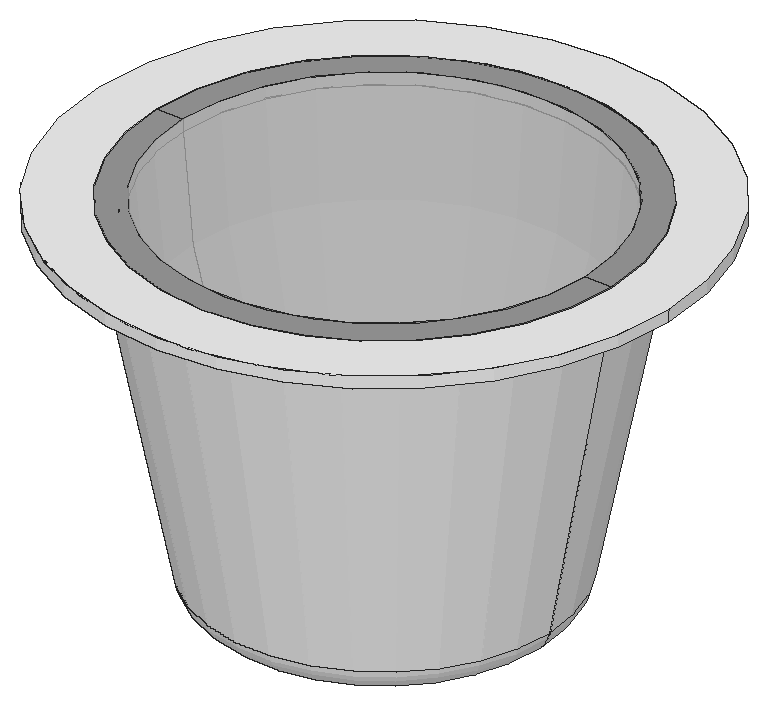
Revit family "2060500 Sylvania Lighting Fixture ASCENT100 II ARCH 650 3K STD 120", category Lighting Fixtures, host Face, Revit 2016
Family settings
  Host = Face
  Part Type = Normal
  Round Connector Dimension = Use Diameter
  OmniClass Number = 23.80.70.11.17
  OmniClass Title = Specialized Lighting by Location or Use
  Cut with Voids When Loaded = No
  Light Source = Yes
  Shared = No
  Room Calculation Point = No
Parameters (values of type "2060500 ASCT100 II ARCH 650 3K STD 120")
  Weight = "0.715 kg"
  WarrantyStartDate [instance] = "n/a"
  WarrantyGuarantorParts = "n/a"
  WarrantyDurationUnit = "n/a"
  WarrantyDurationParts = "n/a"
  WarrantyDescription = "n/a"
  Voltage = 0 V
  TypeName = "ASCENT100 II ARCH 650 3K STD 120"
  SerialNumber [instance] = "n/a"
  ReflectorRadius_SYL = Radius_SYL - 15.0 mm  # 60.0 mm
  PowerFactor = 0
  PowerConsumption = "5 W"
  NominalWidth = 0.0 mm
  NominalLength = 0.0 mm
  NominalHeight = 94.0 mm
  Name = "ASCENT100 II ARCH 650 3K STD 120"
  ModelReference = "ASCENT100 II ARCH 650 3K STD 120"
  ModelNumber = "2060500"
  Material_4_SYL = Aluminium_Sylvania_Ascent_Silver
  Radius_SYL = 75.0 mm
  Wattage = 5 W
  built-in parameter 1150110 = 1 (stored number, unit not read)
  URL = "http://www.sylvania-lighting.com"
  built-in parameter 1114217 = 1 (stored number, unit not read)
  Tilt Angle = -90°
  built-in parameter 1150109 = 1 (stored number, unit not read)
  built-in parameter 1150134 = (empty or 0)
  built-in parameter 1150113 = 1 (stored number, unit not read)
  Photometric Web File = "2060500.ies"
  Material = "aluminium housing, acrylic diffuser"
  ManufacturerName = "Feilo Sylvania"
  LuminousEfficacy = "128 lm/W"
  LuminaireType = ""
  LightOutputRatio = "100"
  LampsType = Lamp  # "LED"
  LampNominalLuminous = "638 lm"
  LampMacAdamStep = "n/a"
  LampColourTemperature = "3000 K"
  LampColourRenderingIndex = "80"
  Keynote = "16500"
  InstallationDate [instance] = "n/a"
  InputVoltage = "n/a"
  InputNominalFrequency = "n/a"
  IngressProtection = "IP40"
  ImpactProtectionIndex = "IK02"
  IfcExportType = "IfcLightFixtureType"
  IfcExportAs = "IfcLightFixtureType"
  Height_SYL = 94.0 mm
  ExpectedLife = 50000
  Emit from Circle Diameter = 2 * DiffuserRadius_SYL  # 106.0 mm
  Emit Shape Visible in Rendering = no
  ElectricShockClassification = "Class II"
  DurationUnit = "hours"
  DocumentationLiterature = "http://www.sylvania-lighting.com/product/en-int/products/2060500"
  DimmingControlOptions = "n/a"
  DiffuserRadius_SYL = ReflectorRadius_SYL - 7.0 mm  # 53.0 mm
  Material_3_SYL = Polycarbonate_Sylvania_Ascent_Clear
  Diameter_SYL = 2 * Radius_SYL  # 150.0 mm
  CutoutDiameter_SYL = Diameter_SYL - 13.0 mm  # 137.0 mm
  CreatedOn = "9/17/2018"
  CreatedBy = "@sylvania-lighting.com"
  built-in parameter 1114216 [instance] = 1 (stored number, unit not read)
  Model = "ASCENT100 II ARCH 650 3K STD 120"
  Manufacturer = "Feilo Sylvania"
  built-in parameter 1150105 = 50.93 (stored number, unit not read)
  Lumens = 640 lm
  built-in parameter 1150115 = 1 (stored number, unit not read)
  built-in parameter 1150137 = (empty or 0)
  built-in parameter 1150139 = (empty or 0)
  built-in parameter 1150112 = 1 (stored number, unit not read)
  built-in parameter 1150114 = 1 (stored number, unit not read)
  Lamp = "LED"
  built-in parameter 1150132 = 2
  built-in parameter 1150102 = (empty or 0)
  built-in parameter 1150107 = 3000 (stored number, unit not read)
  built-in parameter 1150138 = (empty or 0)
  built-in parameter 1150106 = 0.5093 (stored number, unit not read)
  Material_1_SYL = Aluminum_Sylvania_Ascent_White
  built-in parameter 1150104 = 11.892 (stored number, unit not read)
  Dimming Lamp Color Temperature Shift = <None>
  Description = "Direct LED retro fit for original LED 100 Arch (120) single CFL lamp offering Matching lumen levels and improved light distribution of original LED 100 CFL lamp equivalents Typically half the power consumption compared to CFL Up to 104lm/W 120mm aperture Architectural reflector accepts range of glass accessories from existing LED 100 Arch 120 offering HE, HO and VHO versions equivalent of single 1 x 13W, 1 x 18W, 1 x 26W Additional VVHO versions which offer the performance circa 2 x 26W equivalent"  # constant formula
  Default Elevation = 0.0 mm
  Color Filter = 16777215
  built-in parameter 1140040 [instance] = 1
  BarCode [instance] = "n/a"
  built-in parameter 1114218 = 1 (stored number, unit not read)
  built-in parameter 1150133 = 10 (stored number, unit not read)
  AssetType = "Fixed"
  AssetIdentifier [instance] = "n/a"
  Assembly Code = "D5020200"
  Apparent Load = 5 VA
  Aperture_SYL = 2 * ReflectorRadius_SYL  # 120.0 mm
  Material_2_SYL = Aluminum_Sylvania_Ascent_White
Reference planes
  plane 1 "Center (Front/Back)": y = 0
  plane 2: z = 0
  plane 3 "Center (Left/Right)": x = 0
  plane 4 "Fixture Bottom": z = 3
  plane 5: z = -52.5
  plane 6 "Fixture Top": z = -91
Forms (mm)
  Extrusion 1, solid, material "Aluminum_Sylvania_Ascent_White" <- "Material_2_SYL", detail levels fine
    sketch origin (0, 0, 0) x (1, 0, 0) y (0, 1, 0)
      loop
        circle (0, 0) r 75
      loop
        circle (0, 0) r 60
    from 0 to 3
  Extrusion 2, void
    sketch origin (0, 0, 0) x (1, 0, 0) y (0, 1, 0)
      loop
        circle (0, 0) r 68.5
    from -91 to 3
  Revolve 3, solid, material "Aluminum_Sylvania_Ascent_White" <- "Material_1_SYL", detail levels fine
    sketch origin (0, 0, 0) x (1, 0, 0) y (0, 0, 1)
      loop
        line (0, -91.073) -> (0, -89.023) -> (-35.468, -89.014)
        arc (-35.468, -89.014) -> (-39.352, -87.613) -> (-41.54, -84.139) r 6.307
        line (-41.54, -84.139) -> (-57.991, -2.844) -> (-57.991, 0) -> (-60, 0) -> (-60, -3) -> (-43.5, -84.536)
        arc (-43.5, -84.536) -> (-40.643, -89.203) -> (-35.5, -91.073) r 8.291
        line (-35.5, -91.073) -> (0, -91.073)
      axis (0, 0) -> (0, -91.073)
    angle from 0 to 360
  Revolve 4, solid, material "Aluminium_Sylvania_Ascent_Silver" <- "Material_4_SYL", detail levels fine
    sketch origin (0, 0, 0) x (1, 0, 0) y (0, 0, 1)
      loop
        line (-60, 3) -> (-60, 0) -> (-55, 0)
        arc (-55, 0) -> (-52.349, -26.77) -> (-44.5, -52.5) r 136.5
        line (-44.5, -52.5) -> (-38, -52.5)
        arc (-38, -52.5) -> (-36.857, -61.521) -> (-33.5, -69.971) r 36.166
        line (-33.5, -69.971) -> (0, -69.971) -> (0, -50.5) -> (-43.16, -50.5)
        arc (-43.16, -50.5) -> (-50.517, -25.725) -> (-53, 0) r 134.5
        line (-53, 0) -> (-53, 3) -> (-60, 3)
      axis (0, 3) -> (0, -69.971)
    angle from 0 to 360
  Extrusion 5, solid, material "Polycarbonate_Sylvania_Ascent_Clear" <- "Material_3_SYL", detail levels fine
    sketch origin (0, 0, 0) x (1, 0, 0) y (0, 1, 0)
      loop
        circle (0, 0) r 53
    from 0 to 3
  Revolve 6, solid, material "Aluminum_Sylvania_Ascent_White" <- "Material_2_SYL", detail levels coarse+medium
    sketch origin (0, 0, 0) x (1, 0, 0) y (0, 0, 1)
      loop
        line (0, -91.073) -> (0, 3) -> (-75, 3) -> (-75, 0) -> (-60, 0) -> (-60, -3) -> (-43.5, -84.536)
        arc (-43.5, -84.536) -> (-40.643, -89.203) -> (-35.5, -91.073) r 8.291
        line (-35.5, -91.073) -> (0, -91.073)
      axis (0, 3) -> (0, -91.073)
    angle from 0 to 360
Dimensions and locks
  locked: plane 4 "Fixture Bottom" to plane 2 at 3
  "Height_SYL": plane 4 "Fixture Bottom" to plane 6 "Fixture Top"
  "ReflectorRadius_SYL": plane 3 "Center (Left/Right)" to Revolve 4 sketch curve
  locked: Revolve 4 sketch curve to Revolve 4 sketch curve at 15.5
  locked: Revolve 4 sketch curve to Revolve 4 sketch curve at 5
  locked: Revolve 4 sketch curve to Revolve 4 sketch curve at 7
  locked: Revolve 4 sketch curve to Revolve 4 sketch curve at 22
  locked: Revolve 4 sketch curve to Revolve 4 sketch curve at 26.5
  locked: Revolve 3 sketch curve to Revolve 3 sketch curve at 16.5
  locked: Revolve 3 sketch curve to Revolve 3 sketch curve at 24.5
  "ReflectorRadius_SYL": Revolve 3 sketch curve to plane 3 "Center (Left/Right)"
  locked: Revolve 3 sketch curve to plane 6 "Fixture Top" at 6.464
  locked: plane 2 to Revolve 3 sketch curve at 3
  locked: Revolve 3 sketch curve to Revolve 3 sketch curve at 2
  locked: Revolve 3 sketch curve to Revolve 3 sketch curve at 2.009
  locked: plane 2 to plane 5 at 52.5
  locked: Revolve 6 sketch curve to Revolve 6 sketch curve at 31.5
  locked: Revolve 6 sketch curve to Revolve 6 sketch curve at 39.5
  locked: Revolve 6 sketch curve to Revolve 6 sketch curve at 15
  "Radius_SYL": plane 3 "Center (Left/Right)" to Revolve 6 sketch curve
  "CutoutDiameter_SYL": diameter of Extrusion 2 sketch curve
  "ReflectorRadius_SYL": radius of Extrusion 1 sketch curve
  "DiffuserRadius_SYL": radius of Extrusion 5 sketch curve
  "Radius_SYL": radius of Extrusion 1 sketch curve
  aligned and locked: host face to plane 2
  aligned and locked: host face to level
  aligned and locked: plane 1 "Center (Front/Back)" to imposter light
  aligned and locked: plane 3 "Center (Left/Right)" to imposter light
  aligned and locked: plane 4 "Fixture Bottom" to Extrusion 1
  aligned and locked: Extrusion 1 to plane 2
  aligned and locked: Revolve 3 sketch curve to plane 3 "Center (Left/Right)"
  aligned and locked: Revolve 4 sketch curve to plane 3 "Center (Left/Right)"  (x2)
  aligned and locked: plane 4 "Fixture Bottom" to Revolve 4 sketch curve
  aligned and locked: Revolve 3 sketch curve to imposter light
  aligned and locked: Extrusion 5 to plane 2
  aligned and locked: imposter light to Extrusion 5
  aligned and locked: plane 2 to Revolve 3 sketch curve  (x2)
  aligned and locked: Revolve 6 sketch curve to imposter light
  aligned and locked: Revolve 6 sketch curve to plane 3 "Center (Left/Right)"
  aligned and locked: plane 6 "Fixture Top" to Extrusion 2
  aligned and locked: imposter light to Extrusion 2
  aligned and locked: imposter light to plane 4 "Fixture Bottom"
Automatic sketch dimensions
  plane 1 "Center (Front/Back)" to Extrusion 2 sketch curve = 0.0 mm
  Extrusion 2 sketch curve to plane 3 "Center (Left/Right)" = 0.0 mm
  Extrusion 1 sketch curve to Extrusion 1 sketch curve = 0.0 mm  (x2)
  plane 1 "Center (Front/Back)" to Extrusion 1 sketch curve = 0.0 mm
  Extrusion 1 sketch curve to plane 3 "Center (Left/Right)" = 0.0 mm
  plane 6 "Fixture Top" to Revolve 3 sketch curve = 0.073 mm
  Revolve 3 sketch curve to plane 6 "Fixture Top" = 6.861 mm
  Revolve 3 sketch curve to Revolve 3 sketch curve = 0.003 mm
  Revolve 3 sketch curve to Revolve 3 sketch curve = 0.009 mm  (x2)
  Revolve 3 sketch curve to Revolve 3 sketch curve = 0.023 mm
  Revolve 3 sketch curve to Revolve 3 sketch curve = 0.072 mm
  Revolve 3 sketch curve to Revolve 3 sketch curve = 0.008 mm
  Revolve 3 sketch curve to plane 6 "Fixture Top" = 1.977 mm
  Revolve 3 sketch curve to Revolve 3 sketch curve = 33.496 mm
  Revolve 3 sketch curve to Revolve 3 sketch curve = 0.028 mm
  plane 4 "Fixture Bottom" to Revolve 3 sketch curve = 82.431 mm
  Revolve 4 sketch curve to Revolve 4 sketch curve = 0.0 mm  (x2)
  Revolve 4 sketch curve to plane 5 = 0.0 mm
  Revolve 4 sketch curve to level = 0.0 mm
  plane 5 to Revolve 4 sketch curve = 2.0 mm
  plane 4 "Fixture Bottom" to Revolve 4 sketch curve = 9.642 mm
  plane 1 "Center (Front/Back)" to Extrusion 5 sketch curve = 0.0 mm
  Extrusion 5 sketch curve to plane 3 "Center (Left/Right)" = 0.0 mm
  Revolve 4 sketch curve to level = 69.971 mm
  Revolve 4 sketch curve to Revolve 4 sketch curve = 2.387 mm
  Revolve 6 sketch curve to level = 0.0 mm
  Revolve 6 sketch curve to plane 3 "Center (Left/Right)" = 0.0 mm
  Revolve 6 sketch curve to Revolve 6 sketch curve = 8.104 mm
  Revolve 6 sketch curve to level = 3.0 mm
  Revolve 6 sketch curve to plane 6 "Fixture Top" = 6.464 mm
  plane 6 "Fixture Top" to Revolve 6 sketch curve = 0.073 mm
  Revolve 6 sketch curve to Revolve 6 sketch curve = 33.496 mm
  plane 4 "Fixture Bottom" to Revolve 6 sketch curve = 82.431 mm
  host sketch curve to host sketch curve = 1368.192 mm
  host sketch curve to host sketch curve = 1600.367 mm
Connectors
  electrical at (0, 0, -91.073), driven by "Apparent Load"
    settings: on Revolve 3, index 1, voltage 240 V, apparent load 0 VA, apparent load phase1 5 VA, apparent load phase2 0 VA, apparent load phase3 0 VA, power factor 1, load classification "Lighting", number of poles 1, system type 31, power factor state 1, is connector primary yes, connector utility no, sub classification motor no, connector description ""
